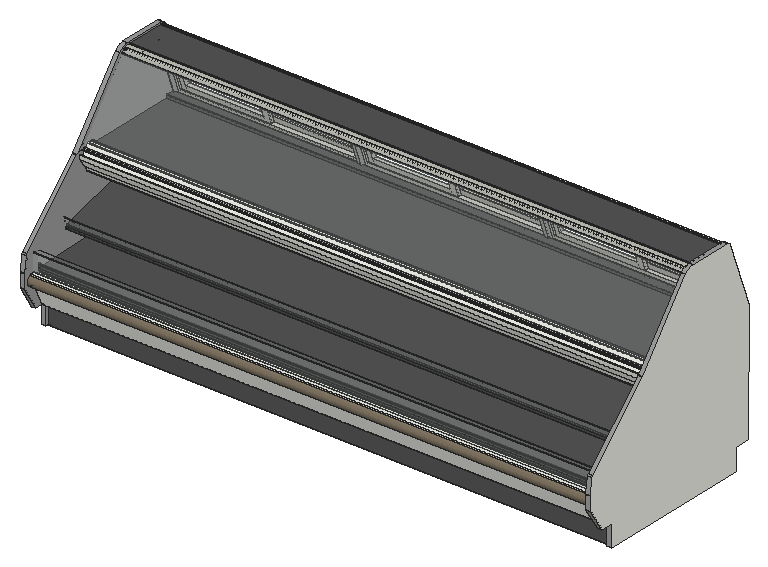
Revit family "R3-B_2014", category Specialty Equipment, Revit 2014 (continued)
Automatic sketch dimensions
  Extrusion 5 sketch curve to Extrusion 5 sketch curve = 0.0279"
  Extrusion 5 sketch curve to Extrusion 5 sketch curve = 0.6195"
  Extrusion 5 sketch curve to Extrusion 5 sketch curve = 0.00718"
  Extrusion 5 sketch curve to Extrusion 5 sketch curve = 0.43597"
  Extrusion 5 sketch curve to Extrusion 5 sketch curve = 0.01333"
  Extrusion 5 sketch curve to Extrusion 5 sketch curve = 9.29785"
  Extrusion 6 sketch curve to Extrusion 6 sketch curve = 0.06041"
  Extrusion 6 sketch curve to Extrusion 6 sketch curve = 0.16871"
  Extrusion 6 sketch curve to Extrusion 6 sketch curve = 0.06028"
  Extrusion 6 sketch curve to Extrusion 6 sketch curve = 0.00013"
  Extrusion 6 sketch curve to Extrusion 6 sketch curve = 0.01605"
  Extrusion 6 sketch curve to Extrusion 6 sketch curve = 0.20224"
  Extrusion 6 sketch curve to Extrusion 6 sketch curve = 0.04419"
  Extrusion 6 sketch curve to Extrusion 6 sketch curve = 0.06037"  (x4)
  Extrusion 6 sketch curve to Extrusion 6 sketch curve = 0.25343"
  Extrusion 6 sketch curve to Extrusion 6 sketch curve = 0.58875"
  Extrusion 6 sketch curve to Extrusion 6 sketch curve = 0.56443"
  Extrusion 6 sketch curve to Extrusion 6 sketch curve = 0.02594"
  Extrusion 6 sketch curve to Extrusion 6 sketch curve = 0.03864"
  Extrusion 6 sketch curve to Extrusion 6 sketch curve = 0.01757"
  Extrusion 6 sketch curve to Extrusion 6 sketch curve = 0.8447"
  Extrusion 6 sketch curve to Extrusion 6 sketch curve = 0.03897"
  Extrusion 6 sketch curve to Extrusion 6 sketch curve = 0.08331"
  Extrusion 6 sketch curve to Extrusion 6 sketch curve = 0.00906"  (x2)
  Extrusion 6 sketch curve to Extrusion 6 sketch curve = 0.03381"
  Extrusion 6 sketch curve to Extrusion 6 sketch curve = 0.08021"
  Extrusion 6 sketch curve to Extrusion 6 sketch curve = 0.03427"
  Extrusion 6 sketch curve to Extrusion 6 sketch curve = 0.03335"  (x2)
  Extrusion 6 sketch curve to Extrusion 6 sketch curve = 0.52078"
  Extrusion 6 sketch curve to Extrusion 6 sketch curve = 0.01551"
  Extrusion 6 sketch curve to Extrusion 6 sketch curve = 0.06761"
  Extrusion 6 sketch curve to Extrusion 6 sketch curve = 13.05208"
  Extrusion 6 sketch curve to Extrusion 6 sketch curve = 0.01618"  (x4)
  Extrusion 6 sketch curve to Extrusion 6 sketch curve = 0.19411"
  level to Extrusion 6 sketch curve = 19.52816"
  Extrusion 6 sketch curve to Extrusion 6 sketch curve = 0.04594"
  Extrusion 6 sketch curve to Extrusion 6 sketch curve = 0.00048"
  Extrusion 6 sketch curve to Extrusion 6 sketch curve = 0.06775"
  Extrusion 6 sketch curve to Extrusion 6 sketch curve = 0.09835"
  Extrusion 6 sketch curve to Extrusion 6 sketch curve = 0.03045"
  Extrusion 6 sketch curve to Extrusion 6 sketch curve = 0.11828"
  Extrusion 6 sketch curve to Extrusion 6 sketch curve = 0.06155"
  Extrusion 6 sketch curve to Extrusion 6 sketch curve = 0.19448"
  Extrusion 6 sketch curve to Extrusion 6 sketch curve = 0.00806"
  Extrusion 6 sketch curve to Extrusion 6 sketch curve = 0.73078"
  Extrusion 6 sketch curve to Extrusion 6 sketch curve = 0.04343"
  Extrusion 6 sketch curve to Extrusion 6 sketch curve = 0.15767"
  Extrusion 6 sketch curve to Extrusion 6 sketch curve = 0.03611"
  Extrusion 6 sketch curve to Extrusion 6 sketch curve = 0.29027"
  Extrusion 6 sketch curve to Extrusion 6 sketch curve = 0.02232"
  Extrusion 6 sketch curve to Extrusion 6 sketch curve = 3.49547"
  Extrusion 6 sketch curve to Extrusion 6 sketch curve = 0.72444"
  Extrusion 7 sketch curve to Extrusion 7 sketch curve = 0.12074"  (x2)
  Extrusion 7 sketch curve to Extrusion 7 sketch curve = 0.71175"
  Extrusion 7 sketch curve to Extrusion 7 sketch curve = 0.24152"
  level to Extrusion 7 sketch curve = 19.59182"
  Extrusion 7 sketch curve to Extrusion 7 sketch curve = 0.06457"
  Extrusion 7 sketch curve to Extrusion 7 sketch curve = 2.6563"
  Extrusion 7 sketch curve to Extrusion 7 sketch curve = 0.03235"
  Extrusion 8 sketch curve to Extrusion 8 sketch curve = 0.23743"
  Extrusion 8 sketch curve to Extrusion 8 sketch curve = 1/4"
  level to Extrusion 8 sketch curve = 13.11258"
  Extrusion 8 sketch curve to Extrusion 8 sketch curve = 5.49984"
  level to Extrusion 9 sketch curve = 11.47878"
  Extrusion 9 sketch curve to Extrusion 9 sketch curve = 1 1/4"
  level to Extrusion 12 sketch curve = 0.02008"
  Extrusion 12 sketch curve to Extrusion 12 sketch curve = 0.035"  (x3)
  Extrusion 12 sketch curve to level = 0.01492"  (x2)
  Extrusion 12 sketch curve to Extrusion 12 sketch curve = 29/64"
  Extrusion 12 sketch curve to Extrusion 12 sketch curve = 3/64"  (x2)
  Extrusion 12 sketch curve to Extrusion 12 sketch curve = 0.08188"
  plane 1 "Back" to Extrusion 12 sketch curve = 4.19387"
  level to Extrusion 12 sketch curve = 0.05241"
  Extrusion 12 sketch curve to Extrusion 12 sketch curve = 0.30277"
  level to Extrusion 12 sketch curve = 0.08467"
  Extrusion 12 sketch curve to Extrusion 12 sketch curve = 0.01862"
  Extrusion 12 sketch curve to Extrusion 12 sketch curve = 0.36323"
  level to Extrusion 12 sketch curve = 5/256"
  Extrusion 12 sketch curve to Extrusion 12 sketch curve = 0.00608"
  Extrusion 12 sketch curve to Extrusion 12 sketch curve = 3/8"  (x2)
  level to Extrusion 12 sketch curve = 0.45495"
  Extrusion 12 sketch curve to Extrusion 12 sketch curve = 0.01274"
  Extrusion 12 sketch curve to Extrusion 12 sketch curve = 4.68"
  Extrusion 12 sketch curve to Extrusion 12 sketch curve = 5.01739"
  Extrusion 16 sketch curve to Extrusion 16 sketch curve = 0.24987"
  level to Extrusion 16 sketch curve = 14.52078"
  Extrusion 16 sketch curve to Extrusion 16 sketch curve = 0.00803"
  Extrusion 19 sketch curve to Extrusion 19 sketch curve = 3.10211"
  Extrusion 19 sketch curve to Extrusion 19 sketch curve = 2.4486"
  Extrusion 19 sketch curve to Extrusion 19 sketch curve = 0.72957"
  Extrusion 19 sketch curve to Extrusion 19 sketch curve = 2.09477"
  Extrusion 19 sketch curve to Extrusion 19 sketch curve = 0.76243"
  Extrusion 20 sketch curve to Extrusion 20 sketch curve = 3.10211"
  Extrusion 20 sketch curve to Extrusion 20 sketch curve = 2.4486"
  Extrusion 20 sketch curve to Extrusion 20 sketch curve = 0.72957"
  Extrusion 20 sketch curve to Extrusion 20 sketch curve = 2.09477"
  Extrusion 20 sketch curve to Extrusion 20 sketch curve = 0.76243"
  Extrusion 25 sketch curve to Extrusion 25 sketch curve = 3.10211"
  Extrusion 25 sketch curve to Extrusion 25 sketch curve = 2.4486"
  Extrusion 25 sketch curve to Extrusion 25 sketch curve = 0.72957"
  Extrusion 25 sketch curve to Extrusion 25 sketch curve = 2.09477"
  Extrusion 25 sketch curve to Extrusion 25 sketch curve = 0.76243"
  Extrusion 26 sketch curve to Extrusion 26 sketch curve = 3.10211"
  Extrusion 26 sketch curve to Extrusion 26 sketch curve = 2.4486"
  Extrusion 26 sketch curve to Extrusion 26 sketch curve = 0.72957"
  Extrusion 26 sketch curve to Extrusion 26 sketch curve = 2.09477"
  Extrusion 26 sketch curve to Extrusion 26 sketch curve = 0.76243"
  Extrusion 27 sketch curve to Extrusion 27 sketch curve = 3.10211"
  Extrusion 27 sketch curve to Extrusion 27 sketch curve = 2.4486"
  Extrusion 27 sketch curve to Extrusion 27 sketch curve = 0.72957"
  Extrusion 27 sketch curve to Extrusion 27 sketch curve = 2.09477"
  Extrusion 27 sketch curve to Extrusion 27 sketch curve = 0.76243"
  Extrusion 31 sketch curve to Extrusion 31 sketch curve = 3.10211"
  Extrusion 31 sketch curve to Extrusion 31 sketch curve = 2.4486"
  Extrusion 31 sketch curve to Extrusion 31 sketch curve = 0.72957"
  Extrusion 31 sketch curve to Extrusion 31 sketch curve = 2.09477"
  Extrusion 31 sketch curve to Extrusion 31 sketch curve = 0.76243"
  Extrusion 32 sketch curve to Extrusion 32 sketch curve = 3.10211"
  Extrusion 32 sketch curve to Extrusion 32 sketch curve = 2.4486"
  Extrusion 32 sketch curve to Extrusion 32 sketch curve = 0.72957"
  Extrusion 32 sketch curve to Extrusion 32 sketch curve = 2.09477"
  Extrusion 32 sketch curve to Extrusion 32 sketch curve = 0.76243"
  Extrusion 33 sketch curve to Extrusion 33 sketch curve = 3.10211"
  Extrusion 33 sketch curve to Extrusion 33 sketch curve = 2.4486"
  Extrusion 33 sketch curve to Extrusion 33 sketch curve = 0.72957"
  Extrusion 33 sketch curve to Extrusion 33 sketch curve = 2.09477"
  Extrusion 33 sketch curve to Extrusion 33 sketch curve = 0.76243"
  Extrusion 37 sketch curve to Extrusion 37 sketch curve = 3.10211"
  Extrusion 37 sketch curve to Extrusion 37 sketch curve = 2.4486"
  Extrusion 37 sketch curve to Extrusion 37 sketch curve = 0.72957"
  Extrusion 37 sketch curve to Extrusion 37 sketch curve = 2.09477"
  Extrusion 37 sketch curve to Extrusion 37 sketch curve = 0.76243"
  Extrusion 38 sketch curve to Extrusion 38 sketch curve = 3.10211"
  Extrusion 38 sketch curve to Extrusion 38 sketch curve = 2.4486"
  Extrusion 38 sketch curve to Extrusion 38 sketch curve = 0.72957"
  Extrusion 38 sketch curve to Extrusion 38 sketch curve = 2.09477"
  Extrusion 38 sketch curve to Extrusion 38 sketch curve = 0.76243"
  Extrusion 41 sketch curve to Extrusion 41 sketch curve = 3.10211"
  Extrusion 41 sketch curve to Extrusion 41 sketch curve = 2.4486"
  Extrusion 41 sketch curve to Extrusion 41 sketch curve = 0.72957"
  Extrusion 41 sketch curve to Extrusion 41 sketch curve = 2.09477"
  Extrusion 41 sketch curve to Extrusion 41 sketch curve = 0.76243"
  Extrusion 42 sketch curve to Extrusion 42 sketch curve = 3.10211"
  Extrusion 42 sketch curve to Extrusion 42 sketch curve = 2.4486"
  Extrusion 42 sketch curve to Extrusion 42 sketch curve = 0.72957"
  Extrusion 42 sketch curve to Extrusion 42 sketch curve = 2.09477"
  Extrusion 42 sketch curve to Extrusion 42 sketch curve = 0.76243"
  Extrusion 4 sketch curve to Extrusion 4 sketch curve = 0.22465"
  Extrusion 4 sketch curve to Extrusion 4 sketch curve = 0.92417"
  Extrusion 4 sketch curve to Extrusion 4 sketch curve = 0.21425"
  plane 1 "Back" to Extrusion 4 sketch curve = 0.33657"
  Extrusion 11 sketch curve to Extrusion 11 sketch curve = 0"  (x3)
  Extrusion 11 sketch curve to Extrusion 11 sketch curve = 0.01141"
  Extrusion 11 sketch curve to Extrusion 11 sketch curve = 0.04859"
  Extrusion 11 sketch curve to Extrusion 11 sketch curve = 0.00058"
  Extrusion 11 sketch curve to Extrusion 11 sketch curve = 0.19667"
  Extrusion 11 sketch curve to Extrusion 11 sketch curve = 0.0377"
  Extrusion 11 sketch curve to Extrusion 11 sketch curve = 0.00109"
  Extrusion 11 sketch curve to Extrusion 11 sketch curve = 0.0486"
  Extrusion 11 sketch curve to Extrusion 11 sketch curve = 0.0209"
  Extrusion 11 sketch curve to Extrusion 11 sketch curve = 0.04884"
  Extrusion 11 sketch curve to Extrusion 11 sketch curve = 0.03776"
  Extrusion 11 sketch curve to Extrusion 11 sketch curve = 0.4379"
  Extrusion 11 sketch curve to Extrusion 11 sketch curve = 0.05952"
  Extrusion 11 sketch curve to Extrusion 11 sketch curve = 0.06177"
  Extrusion 11 sketch curve to Extrusion 11 sketch curve = 0.04958"
  Extrusion 11 sketch curve to Extrusion 11 sketch curve = 0.06609"
  Extrusion 11 sketch curve to Extrusion 11 sketch curve = 0.03475"
  Extrusion 11 sketch curve to Extrusion 11 sketch curve = 0.16465"
  Extrusion 11 sketch curve to Extrusion 11 sketch curve = 0.20292"
  Extrusion 11 sketch curve to Extrusion 11 sketch curve = 0.01888"
  Extrusion 11 sketch curve to Extrusion 11 sketch curve = 0.07016"
  Extrusion 11 sketch curve to Extrusion 11 sketch curve = 0.00792"
  Extrusion 11 sketch curve to Extrusion 11 sketch curve = 0.07377"
  Extrusion 11 sketch curve to Extrusion 11 sketch curve = 0.12843"
  plane 1 "Back" to Extrusion 11 sketch curve = 19.51216"
  Extrusion 11 sketch curve to Extrusion 11 sketch curve = 0.0155"
  Extrusion 11 sketch curve to Extrusion 11 sketch curve = 0.27642"
  Extrusion 11 sketch curve to Extrusion 11 sketch curve = 0.01076"
  Extrusion 11 sketch curve to Extrusion 11 sketch curve = 0.04679"
  Extrusion 11 sketch curve to Extrusion 11 sketch curve = 0.09358"
  Extrusion 11 sketch curve to Extrusion 11 sketch curve = 0.01201"  (x2)
  Extrusion 11 sketch curve to Extrusion 11 sketch curve = 0.0156"
  Extrusion 11 sketch curve to Extrusion 11 sketch curve = 0.5158"
  Extrusion 11 sketch curve to Extrusion 11 sketch curve = 0.12342"
  Extrusion 11 sketch curve to Extrusion 11 sketch curve = 0.00757"
  Extrusion 11 sketch curve to Extrusion 11 sketch curve = 0.01718"  (x2)
  Extrusion 11 sketch curve to Extrusion 11 sketch curve = 0.02225"
  Extrusion 11 sketch curve to Extrusion 11 sketch curve = 0.01738"
  Extrusion 11 sketch curve to Extrusion 11 sketch curve = 0.08602"
  Extrusion 11 sketch curve to Extrusion 11 sketch curve = 0.0761"
  Extrusion 11 sketch curve to Extrusion 11 sketch curve = 0.01623"
  Extrusion 11 sketch curve to Extrusion 11 sketch curve = 0.04804"
  Extrusion 11 sketch curve to Extrusion 11 sketch curve = 0.06239"  (x2)
  Extrusion 11 sketch curve to Extrusion 11 sketch curve = 0.08898"
  Extrusion 11 sketch curve to Extrusion 11 sketch curve = 0.03667"
  Extrusion 11 sketch curve to Extrusion 11 sketch curve = 0.0818"
  Extrusion 11 sketch curve to Extrusion 11 sketch curve = 0.43823"
  Extrusion 11 sketch curve to Extrusion 11 sketch curve = 0.05373"
  Extrusion 11 sketch curve to Extrusion 11 sketch curve = 0.04014"
  Extrusion 11 sketch curve to Extrusion 11 sketch curve = 0.19071"
  Extrusion 11 sketch curve to Extrusion 11 sketch curve = 0.08418"
  Extrusion 11 sketch curve to Extrusion 11 sketch curve = 0.19033"
  Extrusion 11 sketch curve to Extrusion 11 sketch curve = 0.61646"
  Extrusion 11 sketch curve to Extrusion 11 sketch curve = 0.23956"
  Extrusion 11 sketch curve to Extrusion 11 sketch curve = 1.16535"
  Extrusion 11 sketch curve to Extrusion 11 sketch curve = 0.00276"
  Extrusion 11 sketch curve to Extrusion 11 sketch curve = 0.03942"
  Extrusion 11 sketch curve to Extrusion 11 sketch curve = 0.15933"
  Extrusion 11 sketch curve to Extrusion 11 sketch curve = 0.06489"
  Extrusion 11 sketch curve to Extrusion 11 sketch curve = 0.39398"
  Extrusion 11 sketch curve to Extrusion 11 sketch curve = 1.19864"
  plane 1 "Back" to Extrusion 11 sketch curve = 0.1122"
  Extrusion 11 sketch curve to Extrusion 11 sketch curve = 0.06051"
  Extrusion 11 sketch curve to Extrusion 11 sketch curve = 0.53914"
  Extrusion 11 sketch curve to Extrusion 11 sketch curve = 0.03807"
  Extrusion 11 sketch curve to Extrusion 11 sketch curve = 0.16953"
  Extrusion 11 sketch curve to Extrusion 11 sketch curve = 0.02459"
  Extrusion 11 sketch curve to Extrusion 11 sketch curve = 0.10088"
  Extrusion 11 sketch curve to Extrusion 11 sketch curve = 0.02066"
  Extrusion 11 sketch curve to Extrusion 11 sketch curve = 0.03731"
  Extrusion 11 sketch curve to Extrusion 11 sketch curve = 0.00045"
  Extrusion 11 sketch curve to Extrusion 11 sketch curve = 0.23942"
  Extrusion 11 sketch curve to Extrusion 11 sketch curve = 0.04544"
  Extrusion 11 sketch curve to Extrusion 11 sketch curve = 0.03148"
  Extrusion 11 sketch curve to Extrusion 11 sketch curve = 0.03742"
  Extrusion 11 sketch curve to Extrusion 11 sketch curve = 0.03044"
  Extrusion 11 sketch curve to Extrusion 11 sketch curve = 0.03021"
  Extrusion 11 sketch curve to Extrusion 11 sketch curve = 0.00179"
  Extrusion 11 sketch curve to Extrusion 11 sketch curve = 0.00897"
  Extrusion 11 sketch curve to Extrusion 11 sketch curve = 0.02756"
  Extrusion 11 sketch curve to Extrusion 11 sketch curve = 0.40557"
  Extrusion 11 sketch curve to Extrusion 11 sketch curve = 0.03795"
  plane 1 "Back" to Extrusion 14 sketch curve = 18.95941"
  Extrusion 14 sketch curve to Extrusion 14 sketch curve = 0.18736"
  Extrusion 14 sketch curve to Extrusion 14 sketch curve = 0.18735"
  Extrusion 14 sketch curve to Extrusion 14 sketch curve = 0.14387"  (x2)
  Extrusion 11 sketch curve to Extrusion 11 sketch curve = 0.01703"
  Extrusion 11 sketch curve to Extrusion 11 sketch curve = 0.03995"
  Extrusion 11 sketch curve to Extrusion 11 sketch curve = 0.03065"
  plane 9 to Extrusion 4 sketch curve = 0.09572"
  Extrusion 4 sketch curve to Extrusion 4 sketch curve = 0.53"
  plane 9 to Extrusion 4 sketch curve = 3.18393"
  Extrusion 4 sketch curve to Extrusion 4 sketch curve = 0.05336"
  plane 9 to Extrusion 4 sketch curve = 3.50133"
  Extrusion 4 sketch curve to Extrusion 4 sketch curve = 0.785"
  Extrusion 4 sketch curve to Extrusion 4 sketch curve = 0.40118"
  Extrusion 4 sketch curve to Extrusion 4 sketch curve = 0.46779"
  Extrusion 4 sketch curve to plane 9 = 0.05343"
  Extrusion 4 sketch curve to plane 9 = 0.15672"
  plane 9 to Extrusion 10 sketch curve = 0.09233"
  plane 9 to Extrusion 10 sketch curve = 0.01698"
  Extrusion 10 sketch curve to plane 9 = 0.02831"
  Extrusion 10 sketch curve to Extrusion 10 sketch curve = 0.23622"
  Extrusion 10 sketch curve to Extrusion 10 sketch curve = 0.2303"
  Extrusion 11 sketch curve to Extrusion 11 sketch curve = 0.44576"
  plane 9 to Extrusion 11 sketch curve = 0.32351"
  Extrusion 11 sketch curve to Extrusion 11 sketch curve = 0.49257"
  plane 9 to Extrusion 11 sketch curve = 0.41228"
  Extrusion 11 sketch curve to Extrusion 11 sketch curve = 0.02953"
  Extrusion 11 sketch curve to Extrusion 11 sketch curve = 0.04949"
  Extrusion 11 sketch curve to Extrusion 11 sketch curve = 0.59743"
  Extrusion 11 sketch curve to Extrusion 11 sketch curve = 0.03619"
  Extrusion 11 sketch curve to Extrusion 11 sketch curve = 0.11149"
  Extrusion 11 sketch curve to Extrusion 11 sketch curve = 0.03084"
  Extrusion 11 sketch curve to Extrusion 11 sketch curve = 0.04773"
  Extrusion 11 sketch curve to Extrusion 11 sketch curve = 0.02216"
  Extrusion 11 sketch curve to Extrusion 11 sketch curve = 0.05253"
  Extrusion 11 sketch curve to Extrusion 11 sketch curve = 0.03603"
  Extrusion 11 sketch curve to Extrusion 11 sketch curve = 0.05646"
  Extrusion 11 sketch curve to Extrusion 11 sketch curve = 0.15374"
  Extrusion 11 sketch curve to Extrusion 11 sketch curve = 0.17098"
  plane 9 to Extrusion 11 sketch curve = 17.05276"
  Extrusion 11 sketch curve to Extrusion 11 sketch curve = 0.17471"
  Extrusion 11 sketch curve to Extrusion 11 sketch curve = 0.00378"
  Extrusion 11 sketch curve to Extrusion 11 sketch curve = 0.10764"
  Extrusion 11 sketch curve to Extrusion 11 sketch curve = 0.02859"
  Extrusion 11 sketch curve to Extrusion 11 sketch curve = 0.05819"
  Extrusion 11 sketch curve to plane 9 = 0.14562"
  Extrusion 11 sketch curve to Extrusion 11 sketch curve = 0.02642"
  Extrusion 11 sketch curve to Extrusion 11 sketch curve = 0.03927"
  Extrusion 11 sketch curve to plane 9 = 0.08083"
  plane 9 to Extrusion 13 sketch curve = 18.06353"
  Extrusion 13 sketch curve to Extrusion 13 sketch curve = 0.3456"
  plane 9 to Extrusion 14 sketch curve = 17.80841"
  plane 9 to Extrusion 14 sketch curve = 0.55773"
  plane 8 to Extrusion 4 sketch curve = 6.06739"
  plane 8 to Extrusion 5 sketch curve = 3.77146"
  plane 8 to Extrusion 6 sketch curve = 12.37975"
  plane 8 to Extrusion 7 sketch curve = 11.90928"
  plane 8 to Extrusion 8 sketch curve = 1.89546"
  plane 8 to Extrusion 9 sketch curve = 0.9987"
  plane 8 to Extrusion 9 sketch curve = 1.27995"
  plane 8 to Extrusion 11 sketch curve = 18 165/256"
  plane 8 to Extrusion 12 sketch curve = 7.25925"
  plane 8 to Extrusion 13 sketch curve = 20.82871"
  plane 8 to Extrusion 14 sketch curve = 18.04369"
  plane 8 to Extrusion 16 sketch curve = 3.59732"
  Extrusion 16 sketch curve to Extrusion 16 sketch curve = 0.12848"
  Extrusion 45 sketch curve to level = 0"
  Extrusion 45 sketch curve to plane 1 "Back" = 0"
  level to Extrusion 45 sketch curve = 5.41447"
  level to Extrusion 45 sketch curve = 5.51387"
  Extrusion 45 sketch curve to plane 8 = 0.56477"
  Extrusion 45 sketch curve to Extrusion 45 sketch curve = 5.84984"
  Extrusion 45 sketch curve to Extrusion 45 sketch curve = 3.55575"
  Extrusion 45 sketch curve to plane 8 = 0.55694"
  Extrusion 45 sketch curve to Extrusion 45 sketch curve = 0.10441"  (x2)
  plane 8 to Extrusion 45 sketch curve = 0.71687"
  Extrusion 45 sketch curve to Extrusion 45 sketch curve = 3.85592"
  plane 8 to Extrusion 45 sketch curve = 0.0247"
  plane 8 to Extrusion 45 sketch curve = 0.22885"
  plane 9 to Extrusion 45 sketch curve = 18.22466"
  Extrusion 45 sketch curve to Extrusion 45 sketch curve = 0.06886"
  Extrusion 45 sketch curve to Extrusion 45 sketch curve = 0.50183"
  plane 9 to Extrusion 45 sketch curve = 16.35373"
  plane 9 to Extrusion 45 sketch curve = 2.52577"
  plane 9 to Extrusion 45 sketch curve = 0.6702"
  plane 9 to Extrusion 45 sketch curve = 0.22577"
  Extrusion 45 sketch curve to plane 9 = 0.01402"
  Extrusion 45 sketch curve to plane 9 = 0.47423"
  plane 1 "Back" to Extrusion 45 sketch curve = 4.00118"
  plane 1 "Back" to Extrusion 45 sketch curve = 5.96807"
  Extrusion 45 sketch curve to Extrusion 45 sketch curve = 10.9862"
  plane 8 to Extrusion 45 sketch curve = 16.32936"
  Extrusion 45 sketch curve to Extrusion 45 sketch curve = 0.06201"
  plane 8 to Extrusion 45 sketch curve = 6.22457"
  plane 8 to Extrusion 45 sketch curve = 3.09806"
  Extrusion 46 sketch curve to level = 0"
  Extrusion 46 sketch curve to plane 1 "Back" = 0"
  plane 1 "Back" to Extrusion 46 sketch curve = 4.00118"
  Extrusion 46 sketch curve to plane 9 = 0.01402"
  plane 1 "Back" to Extrusion 46 sketch curve = 5.96807"
  Extrusion 46 sketch curve to plane 9 = 0.47423"
  Extrusion 46 sketch curve to Extrusion 46 sketch curve = 0.65765"
  Extrusion 46 sketch curve to Extrusion 46 sketch curve = 10.9862"
  plane 9 to Extrusion 46 sketch curve = 0.6702"
  Extrusion 46 sketch curve to Extrusion 46 sketch curve = 2.3573"
  plane 8 to Extrusion 46 sketch curve = 16.32936"
  Extrusion 46 sketch curve to Extrusion 46 sketch curve = 0.06201"
  Extrusion 46 sketch curve to Extrusion 46 sketch curve = 0.48803"
  plane 8 to Extrusion 46 sketch curve = 6.22457"
  plane 8 to Extrusion 46 sketch curve = 3.09806"
  plane 8 to Extrusion 46 sketch curve = 0.71687"
  plane 8 to Extrusion 46 sketch curve = 0.22885"
  plane 8 to Extrusion 46 sketch curve = 0.13523"
  plane 8 to Extrusion 46 sketch curve = 0.0247"
  Extrusion 46 sketch curve to plane 8 = 0.55694"
  Extrusion 46 sketch curve to plane 8 = 0.56477"
  level to Extrusion 46 sketch curve = 5.41447"
  level to Extrusion 46 sketch curve = 5.51387"
  Extrusion 46 sketch curve to Extrusion 46 sketch curve = 5.84984"
  Extrusion 46 sketch curve to Extrusion 46 sketch curve = 3.55575"
  Extrusion 46 sketch curve to Extrusion 46 sketch curve = 3.85592"
  Extrusion 46 sketch curve to Extrusion 46 sketch curve = 0.10441"
  plane 9 to Extrusion 46 sketch curve = 18.22466"
  Extrusion 46 sketch curve to Extrusion 46 sketch curve = 0.06886"
  plane 9 to Extrusion 46 sketch curve = 16.35373"
  Extrusion 1 sketch curve to Extrusion 1 sketch curve = 0"  (x2)
  Extrusion 2 sketch curve to Extrusion 2 sketch curve = 0"
  Extrusion 3 sketch curve to Extrusion 3 sketch curve = 0"
  curve 8 to plane 3 "Left" = 0"
  curve 8 to plane 6 "Right" = 0"
  plane 1 "Back" to curve 1 = 0"
  plane 1 "Back" to curve 4 = 0"
  plane 1 "Back" to curve 2 = 0"
  plane 1 "Back" to curve 3 = 0"
  plane 1 "Back" to curve 5 = 0"
  curve 3 to plane 8 = 1 5/16"
  curve 4 to plane 8 = 1 5/16"
  curve 2 to plane 8 = 1 5/16"
  curve 5 to plane 8 = 1 5/16"
  curve 1 to plane 8 = 1 5/16"
  Extrusion 15 sketch curve to Extrusion 15 sketch curve = 0"  (x3)
  plane 4 "Center (Left/Right)" to Extrusion 15 sketch curve = 5"
Nested families (in)
  nested 1: "Floor Support - Pegs" at (-75.99499, -30.6875, 0), type "Floor Support - Pegs"
  nested 2: "Floor Support - Pegs" at (65.38051, -30.6875, 0), type "Floor Support - Pegs"
  nested 3: "Service Doors - 110deg - 48" at (18.69301, -25.0591, 11.25191), visible <- "12 Case", type "Service Doors - 110deg - 48"
  nested 4: "Light" at (-5.30699, -5.50716, -2.18133), type "Light"
  nested 5: "Light" at (-5.30699, -20.5797, -21.84835), type "Light"
  nested 6: "Light" at (-5.30699, -27.6863, -31.8452), type "Light"
  nested 7: "Service Doors - 110deg - 48" at (-29.30699, -25.0591, 11.25191), visible <- "12 Case", type "Service Doors - 110deg - 48"
  nested 8: "Service Doors - 110deg - 48" at (-77.30699, -25.0591, 11.25191), visible <- "12 Case", type "Service Doors - 110deg - 48"
  nested 9: "Service Doors - 110deg - 48" at (18.69301, -25.0591, 11.25191), visible <- "12 Case", type "Service Doors - 110deg - 48", not visible
  nested 10: "Service Doors - 110deg - 48" at (-29.30699, -25.0591, 11.25191), visible <- "12 Case", type "Service Doors - 110deg - 48", not visible
  nested 11: "Service Doors - 110deg - 48" at (-77.30699, -25.0591, 11.25191), visible <- "12 Case", type "Service Doors - 110deg - 48", not visible
  nested 12: "Service Doors - 110deg - 48" at (-29.30699, -25.0591, 11.25191), visible <- "8 Case", type "Service Doors - 110deg - 48"
  nested 13: "Service Doors - 110deg - 48" at (-77.30699, -25.0591, 11.25191), visible <- "8 Case", type "Service Doors - 110deg - 48"
  nested 14: "Service Doors - 110deg - 48" at (-29.30699, -25.0591, 11.25191), visible <- "8 Case", type "Service Doors - 110deg - 48", not visible
  nested 15: "Service Doors - 110deg - 48" at (-77.30699, -25.0591, 11.25191), visible <- "8 Case", type "Service Doors - 110deg - 48", not visible
  nested 16: "Service Doors - 110deg - 48" at (-77.30699, -25.0591, 11.25191), visible <- "4 Case", type "Service Doors - 110deg - 48"
  nested 17: "Service Doors - 110deg - 48" at (-77.30699, -25.0591, 11.25191), visible <- "4 Case", type "Service Doors - 110deg - 48", not visible
  nested 18: "Service Doors - 110deg - 60" at (-17.30699, -25.0591, 11.25191), visible <- "10 Case", type "Service Doors - 110deg - 60"
  nested 19: "Service Doors - 110deg - 60" at (-110.99499, -25.0591, 11.25191), visible <- "10 Case", type "Service Doors - 110deg - 60", not visible
  nested 20: "Service Doors - 110deg - 60" at (-77.30699, -25.0591, 11.25191), visible <- "10 Case", type "Service Doors - 110deg - 60"
  nested 21: "Service Doors - 110deg - 60" at (-170.99499, -25.0591, 11.25191), visible <- "10 Case", type "Service Doors - 110deg - 60", not visible
  nested 22: "Service Doors - 110deg - 72" at (-77.30699, -25.0591, 11.25191), visible <- "6 Case", type "Service Doors - 110deg - 72"
  nested 23: "Service Doors - 110deg - 72" at (-72.99499, -14.67418, 0), visible <- "6 Case", type "Service Doors - 110deg - 72", not visible
  nested 24: "Sliding Doors" at (-77.30699, -0.27157, 7.54708), type "Sliding Doors"
  nested 25: "Shelf Braket - 02" at (-75.99499, -21.46057, 19.51458), type "Shelf Braket - 02"
  nested 26: "Shelf Braket - 02" at (65.38051, -21.46057, 19.51458), type "Shelf Braket - 02"
  nested 27: "Floor Support - Pegs" at (-28.86982, -30.6875, 0), type "Floor Support - Pegs"
  nested 28: "Shelf Braket - 02" at (-28.86982, -21.46057, 19.51458), type "Shelf Braket - 02"
  nested 29: "Floor Support - Pegs" at (18.25535, -30.6875, 0), type "Floor Support - Pegs"
  nested 30: "Shelf Braket - 02" at (18.25535, -21.46057, 19.51458), type "Shelf Braket - 02"
Connectors (in)
  piping at (-13.43199, -38.875, 0), diameter 1.5, driven by "Waste Drain"
    settings: on Extrusion 1, index 8, connector inside diameter 1 1/4", connector length 0", flow factor 0, pipe flow 0 GPM, pressure drop 0.00 psi, fitting loss kfactor 0, connector angle 0.00°, fixture units 0, engagement length 0", angle of deflection 0.00°, flow configuration 0, flow direction 0, fitting loss method 0, system type 16, joint type 0, gender type 0, connector reference index -1, connector utility 0, adjustable connector no, is connector primary yes, connector description "1 1/4\""
  piping at (60.38051, -37.125, 0), diameter 0.625, driven by "Refrig. Suction", driven by "Refrigeration Lines Suction"
    settings: on Extrusion 2, index 9, connector inside diameter 7/8", connector length 0", flow factor 0, pipe flow 0 GPM, pressure drop 0.00 psi, fitting loss kfactor 0, connector angle 0.00°, fixture units 0, engagement length 0", angle of deflection 0.00°, flow configuration 0, flow direction 2, fitting loss method 0, system type 22, joint type 0, gender type 0, connector reference index -1, connector utility 0, adjustable connector no, is connector primary no, connector description "Suction"
  piping at (60.88051, -37.125, 0), diameter 0.375, driven by "Refrig. Liquid", driven by "Refrigeration Lines Liquid"
    settings: on Extrusion 3, index 10, connector inside diameter 3/8", connector length 0", flow factor 0, pipe flow 0 GPM, pressure drop 0.00 psi, fitting loss kfactor 0, connector angle 0.00°, fixture units 0, engagement length 0", angle of deflection 0.00°, flow configuration 0, flow direction 1, fitting loss method 0, system type 22, joint type 0, gender type 0, connector reference index -1, connector utility 0, adjustable connector no, is connector primary no, connector description "Liquid"
  piping at (-0.30699, -17.375, 0), diameter 1.5, driven by "Waste Drain"
    settings: on Extrusion 15, index 13, connector inside diameter 1 1/4", connector length 0", flow factor 0, pipe flow 0 GPM, pressure drop 0.00 psi, fitting loss kfactor 0, connector angle 0.00°, fixture units 0, engagement length 0", angle of deflection 0.00°, flow configuration 0, flow direction 0, fitting loss method 0, system type 16, joint type 0, gender type 0, connector reference index -1, connector utility 0, adjustable connector no, is connector primary no, connector description ""
Definition of nested family "Floor Support - Pegs"
  Parameters (values of type "Floor Support - Pegs")
    Leg = Stainless Steel
    Height = 6"
    Depth = 35 3/4"
  Reference planes (in)
    plane 1 "Center (Front/Back)": y = 6.9375
    plane 2: z = 0
    plane 3 "Center (Left/Right)": x = 0
    plane 4: z = 6
    plane 5: y = 24.8125
    plane 6: y = -10.9375
  Forms (in)
    Revolve 1, solid, material "Stainless Steel" <- "Leg"
      sketch origin (0, 0, 0) x (0, 1, 0) y (0, 0, 1)
        loop
          line (-10.9375, 0) -> (-10.4375, 0) -> (-10.4375, 1.00794)
          arc (-10.4375, 1.00794) -> (-10.21653, 1.09947) -> (-10.125, 1.32044) r 0.3125
          line (-10.125, 1.32044) -> (-10.125, 3.375) -> (-10, 3.375) -> (-10, 6) -> (-10.9375, 6) -> (-10.9375, 0)
        axis (-10.9375, 0) -> (-10.9375, 6)
      angle from 0 to 360
    Revolve 2, solid, material "Stainless Steel" <- "Leg"
      sketch origin (0, 35.75, 0) x (0, 1, 0) y (0, 0, 1)
        loop
          line (-10.9375, 0) -> (-10.4375, 0) -> (-10.4375, 1.00794)
          arc (-10.4375, 1.00794) -> (-10.21653, 1.09947) -> (-10.125, 1.32044) r 0.3125
          line (-10.125, 1.32044) -> (-10.125, 3.375) -> (-10, 3.375) -> (-10, 6) -> (-10.9375, 6) -> (-10.9375, 0)
        axis (-10.9375, 0) -> (-10.9375, 6)
      angle from 0 to 360
  Dimensions and locks (in)
    "Height": plane 4 to level
    Revolve 1 sketch curve to Revolve 1 sketch curve = 5/16"
    locked: Revolve 1 sketch curve to Revolve 1 sketch curve at 0.5
    "Depth": plane 6 to plane 5
    equal spacing: plane 6, plane 1 "Center (Front/Back)", plane 5
    plane 4 to Revolve 1 sketch curve = 2 5/8"
    locked: Revolve 1 sketch curve to Revolve 1 sketch curve at 0.125
    Revolve 2 sketch curve to Revolve 2 sketch curve = 5/16"
    locked: Revolve 2 sketch curve to Revolve 2 sketch curve at 0.5
    locked: Revolve 2 sketch curve to Revolve 2 sketch curve at 0.125
    aligned and locked: plane 2 to level
    aligned and locked: Revolve 1 sketch curve to Revolve 1 sketch curve
    aligned and locked: plane 6 to Revolve 1 sketch curve
    aligned and locked: Revolve 2 sketch curve to Revolve 2 sketch curve
    aligned and locked: plane 5 to Revolve 2 sketch curve
  Automatic sketch dimensions
    Revolve 1 sketch curve to level = 0"  (x2)
    Revolve 1 sketch curve to plane 4 = 0"  (x2)
    Revolve 1 sketch curve to Revolve 1 sketch curve = 1.00794"
    Revolve 2 sketch curve to level = 0"  (x2)
    Revolve 2 sketch curve to plane 4 = 0"  (x2)
    level to Revolve 2 sketch curve = 1.00794"
    Revolve 2 sketch curve to Revolve 2 sketch curve = 2.05456"
Definition of nested family "Service Doors - 110deg - 48"
  Parameters (values of type "Service Doors - 110deg - 48")
    Glazing = Glass
    Door Frame = Plastic - 144 Mist Gray
  Reference planes (in)
    plane 1 "Center (Front/Back)": y = 25.29918
    plane 2: z = 0
    plane 3 "Center (Left/Right)": x = 0
  Forms (in)
    Sweep 1, solid, material "Plastic - 144 Mist Gray" <- "Door Frame"
      path in 3D
        loop
          line (48, 19.82686, 39.76221) -> (0, 19.82686, 39.76221) -> (0, 25.29918, 24.72713) -> (48, 25.29918, 24.72713) -> (48, 19.82686, 39.76221)
      profile origin (24, 19.82686, 39.76221) x (0, -0.999433, -0.03367) y (0, -0.03367, 0.999433)
        loop
          line (0.22211, -0.07247) -> (0, 0) -> (-0.46528, -1.42601) -> (1.67266, -2.12358) -> (1.98285, -1.17291) -> (0.08303, -0.55303) -> (0.22211, -0.07247)
    Extrusion 2, solid, material "Plastic - 144 Mist Gray" <- "Door Frame"
      sketch origin (1.5, 18.22664, 37.58351) x (0, 0.34202, -0.939693) y (0, 0.939693, 0.34202)
        loop
          line (0, 0.25) -> (13, 0.25) -> (13, 1.0625) -> (0, 1.0625) -> (0, 0.25)
      from 0 to 23
    Extrusion 3, solid, material "Plastic - 144 Mist Gray" <- "Door Frame"
      sketch origin (46.5, 22.67291, 25.36751) x (0, -0.34202, 0.939693) y (0, 0.939693, 0.34202)
        loop
          line (13, 1.875) -> (0, 1.875) -> (0, 1.0625) -> (13, 1.0625) -> (13, 1.875)
      from 0 to 23
    Extrusion 4, void
      sketch origin (46.5, 16.02328, 49.11934) x (0, -0.34202, 0.939693) y (-1, 0, 0)
        loop
          line (-23.09373, 21.5) -> (-23.09373, 1.5) -> (-13.09373, 1.5) -> (-13.09373, 21.5) -> (-23.09373, 21.5)
      from 0 to 0.8125
    Extrusion 5, void
      sketch origin (1.5, 18.28571, 38.15219) x (0, -0.34202, 0.939693) y (1, 0, 0)
        loop
          line (-2.01418, 21.5) -> (-12.01418, 21.5) -> (-12.01418, 1.5) -> (-2.01418, 1.5) -> (-2.01418, 21.5)
      from 0 to 0.8125
    Extrusion 6, solid, material "Glass" <- "Glazing"
      sketch origin (25, 24.43483, 26.0088) x (0, -0.34202, 0.939693) y (0, -0.939693, -0.34202)
        loop
          line (1.5, 0.1875) -> (13, 0.1875) -> (13, 0.625) -> (1.5, 0.625) -> (1.5, 0.1875)
      from 0 to 20
    Extrusion 7, solid, material "Glass" <- "Glazing"
      sketch origin (23, 18.46157, 37.66902) x (0, 0.34202, -0.939693) y (0, -0.939693, -0.34202)
        loop
          line (1.5, -0.625) -> (13, -0.625) -> (13, -0.1875) -> (1.5, -0.1875) -> (1.5, -0.625)
      from 0 to 20
  Cuts and joins
    Extrusion 4 cuts Extrusion 3
    Extrusion 5 cuts Extrusion 2
  Lines and regions (in)
    sketch lines
      curve 1: line (48, 25.29918, 24.72713) -> (48, 19.82686, 39.76221)
      curve 2: line (0, 19.82686, 39.76221) -> (0, 25.29918, 24.72713)
      curve 3: line (48, 19.82686, 39.76221) -> (0, 19.82686, 39.76221)
      curve 4: line (48, 25.29918, 24.72713) -> (0, 25.29918, 24.72713)
  Dimensions and locks (in)
    Extrusion 2 to Extrusion 3 = 45"
    plane 3 "Center (Left/Right)" to Sweep 1 = 48"
    Sweep 1 to Sweep 1 = 1 1/2"
    locked: cut or joined group of Extrusion 3, Extrusion 4 to Extrusion 4 sketch curve at 1.5
    locked: Extrusion 5 sketch curve to cut or joined group of Extrusion 2, Extrusion 5 at 1.5
    Sweep 1 to Sweep 1 = 16"
    locked: cut or joined group of Extrusion 2, Extrusion 5 to Extrusion 5 sketch curve at 1.5  (x2)
    locked: Sweep 1 to Extrusion 5 sketch curve at 1.5
    locked: Extrusion 4 sketch curve to Sweep 1 at 1.5  (x3)
    Sweep 1 to Sweep 1 = 45"
    angle level to Sweep 1 = 110.00°
    aligned and locked: plane 2 to level
    aligned and locked: Extrusion 3 to Sweep 1  (x3)
    aligned and locked: Extrusion 2 to Sweep 1
    aligned and locked: Extrusion 6 to cut or joined group of Extrusion 3, Extrusion 4
    aligned and locked: cut or joined group of Extrusion 3, Extrusion 4 to Extrusion 6
    aligned and locked: cut or joined group of Extrusion 2, Extrusion 5 to Extrusion 7
    aligned and locked: plane 1 "Center (Front/Back)" to Sweep 1
    aligned and locked: Sweep 1 to Extrusion 2 sketch curve  (x2)
    aligned and locked: cut or joined group of Extrusion 2, Extrusion 5 to Extrusion 7 sketch curve
    aligned and locked: Extrusion 7 sketch curve to Sweep 1
    aligned and locked: Sweep 1 to Extrusion 3 sketch curve  (x2)
    aligned and locked: Extrusion 6 sketch curve to Sweep 1
    aligned and locked: Extrusion 6 sketch curve to cut or joined group of Extrusion 3, Extrusion 4
Definition of nested family "Service Doors - 110deg - 60"
  Parameters (values of type "Service Doors - 110deg - 60")
    Glazing = Glass
    Door Frame = Plastic - 144 Mist Gray
  Reference planes (in)
    plane 1 "Center (Front/Back)": y = 25.29918
    plane 2: z = 0
    plane 3 "Center (Left/Right)": x = 0
  Forms (in)
    Sweep 1, solid, material "Plastic - 144 Mist Gray" <- "Door Frame"
      path in 3D
        loop
          line (60, 19.82686, 39.76221) -> (0, 19.82686, 39.76221) -> (0, 25.29918, 24.72713) -> (60, 25.29918, 24.72713) -> (60, 19.82686, 39.76221)
      profile origin (30, 19.82686, 39.76221) x (0, -0.999433, -0.03367) y (0, -0.03367, 0.999433)
        loop
          line (0.22211, -0.07247) -> (0, 0) -> (-0.46528, -1.42601) -> (1.67266, -2.12358) -> (1.98285, -1.17291) -> (0.08303, -0.55303) -> (0.22211, -0.07247)
    Extrusion 2, solid, material "Plastic - 144 Mist Gray" <- "Door Frame"
      sketch origin (1.5, 18.22664, 37.58351) x (0, 0.34202, -0.939693) y (0, 0.939693, 0.34202)
        loop
          line (0, 0.25) -> (13, 0.25) -> (13, 1.0625) -> (0, 1.0625) -> (0, 0.25)
      from 0 to 29
    Extrusion 3, solid, material "Plastic - 144 Mist Gray" <- "Door Frame"
      sketch origin (58.5, 22.67291, 25.36751) x (0, -0.34202, 0.939693) y (0, 0.939693, 0.34202)
        loop
          line (13, 1.875) -> (0, 1.875) -> (0, 1.0625) -> (13, 1.0625) -> (13, 1.875)
      from 0 to 28.98862
    Extrusion 4, void
      sketch origin (58.5, 16.02328, 49.11934) x (0, -0.34202, 0.939693) y (-1, 0, 0)
        loop
          line (-23.09373, 27.48862) -> (-23.09373, 1.5) -> (-13.09373, 1.5) -> (-13.09373, 27.48862) -> (-23.09373, 27.48862)
      from 0 to 0.8125
    Extrusion 5, void
      sketch origin (1.5, 18.28571, 38.15219) x (0, -0.34202, 0.939693) y (1, 0, 0)
        loop
          line (-2.01418, 27.5) -> (-12.01418, 27.5) -> (-12.01418, 1.5) -> (-2.01418, 1.5) -> (-2.01418, 27.5)
      from 0 to 0.8125
    Extrusion 6, solid, material "Glass" <- "Glazing"
      sketch origin (31.01138, 24.43483, 26.0088) x (0, -0.34202, 0.939693) y (0, -0.939693, -0.34202)
        loop
          line (1.5, 0.1875) -> (13, 0.1875) -> (13, 0.625) -> (1.5, 0.625) -> (1.5, 0.1875)
      from 0 to 25.98862
    Extrusion 7, solid, material "Glass" <- "Glazing"
      sketch origin (29, 18.46157, 37.66902) x (0, 0.34202, -0.939693) y (0, -0.939693, -0.34202)
        loop
          line (1.5, -0.625) -> (13, -0.625) -> (13, -0.1875) -> (1.5, -0.1875) -> (1.5, -0.625)
      from 0 to 26
  Cuts and joins
    Extrusion 4 cuts Extrusion 3
    Extrusion 5 cuts Extrusion 2
  Lines and regions (in)
    sketch lines
      curve 1: line (60, 25.29918, 24.72713) -> (60, 19.82686, 39.76221)
      curve 2: line (0, 19.82686, 39.76221) -> (0, 25.29918, 24.72713)
      curve 3: line (60, 19.82686, 39.76221) -> (0, 19.82686, 39.76221)
      curve 4: line (60, 25.29918, 24.72713) -> (0, 25.29918, 24.72713)
  Dimensions and locks (in)
    Extrusion 2 to Extrusion 3 = 57"
    plane 3 "Center (Left/Right)" to Sweep 1 = 60"
    Sweep 1 to Sweep 1 = 1 1/2"
    locked: cut or joined group of Extrusion 3, Extrusion 4 to Extrusion 4 sketch curve at 1.5
    locked: Extrusion 5 sketch curve to cut or joined group of Extrusion 2, Extrusion 5 at 1.5
    Sweep 1 to Sweep 1 = 16"
    locked: cut or joined group of Extrusion 2, Extrusion 5 to Extrusion 5 sketch curve at 1.5  (x2)
    locked: Sweep 1 to Extrusion 5 sketch curve at 1.5
    locked: Extrusion 4 sketch curve to Sweep 1 at 1.5  (x3)
    Sweep 1 to Sweep 1 = 57"
    angle level to Sweep 1 = 110.00°
    aligned and locked: plane 2 to level
    aligned and locked: Extrusion 3 to Sweep 1  (x3)
    aligned and locked: Extrusion 2 to Sweep 1
    aligned and locked: Extrusion 6 to cut or joined group of Extrusion 3, Extrusion 4
    aligned and locked: cut or joined group of Extrusion 3, Extrusion 4 to Extrusion 6
    aligned and locked: cut or joined group of Extrusion 2, Extrusion 5 to Extrusion 7
    aligned and locked: plane 1 "Center (Front/Back)" to Sweep 1
    aligned and locked: Sweep 1 to Extrusion 2 sketch curve  (x2)
    aligned and locked: cut or joined group of Extrusion 2, Extrusion 5 to Extrusion 7 sketch curve
    aligned and locked: Extrusion 7 sketch curve to Sweep 1
    aligned and locked: Sweep 1 to Extrusion 3 sketch curve  (x2)
    aligned and locked: Extrusion 6 sketch curve to Sweep 1
    aligned and locked: Extrusion 6 sketch curve to cut or joined group of Extrusion 3, Extrusion 4
Definition of nested family "Service Doors - 110deg - 72"
  Parameters (values of type "Service Doors - 110deg - 72")
    Glazing = none
    Door Frame = none
  Reference planes (in)
    plane 1 "Center (Front/Back)": y = 25.29918
    plane 2: z = 0
    plane 3 "Center (Left/Right)": x = 0
  Forms (in)
    Sweep 1, solid, material <- "Door Frame"
      path in 3D
        loop
          line (72, 19.82686, 39.76221) -> (0, 19.82686, 39.76221) -> (0, 25.29918, 24.72713) -> (72, 25.29918, 24.72713) -> (72, 19.82686, 39.76221)
      profile origin (36, 19.82686, 39.76221) x (0, -0.999433, -0.03367) y (0, -0.03367, 0.999433)
        loop
          line (0.22211, -0.07247) -> (0, 0) -> (-0.46528, -1.42601) -> (1.67266, -2.12358) -> (1.98285, -1.17291) -> (0.08303, -0.55303) -> (0.22211, -0.07247)
    Extrusion 2, solid, material <- "Door Frame"
      sketch origin (1.5, 18.22664, 37.58351) x (0, 0.34202, -0.939693) y (0, 0.939693, 0.34202)
        loop
          line (0, 0.25) -> (13, 0.25) -> (13, 1.0625) -> (0, 1.0625) -> (0, 0.25)
      from 0 to 35
    Extrusion 3, solid, material <- "Door Frame"
      sketch origin (70.5, 22.67291, 25.36751) x (0, -0.34202, 0.939693) y (0, 0.939693, 0.34202)
        loop
          line (13, 1.875) -> (0, 1.875) -> (0, 1.0625) -> (13, 1.0625) -> (13, 1.875)
      from 0 to 35
    Extrusion 4, void
      sketch origin (70.5, 16.02328, 49.11934) x (0, -0.34202, 0.939693) y (-1, 0, 0)
        loop
          line (-23.09373, 33.5) -> (-23.09373, 1.5) -> (-13.09373, 1.5) -> (-13.09373, 33.5) -> (-23.09373, 33.5)
      from 0 to 0.8125
    Extrusion 5, void
      sketch origin (1.5, 18.28571, 38.15219) x (0, -0.34202, 0.939693) y (1, 0, 0)
        loop
          line (-2.01418, 33.5) -> (-12.01418, 33.5) -> (-12.01418, 1.5) -> (-2.01418, 1.5) -> (-2.01418, 33.5)
      from 0 to 0.8125
    Extrusion 6, solid, material <- "Glazing"
      sketch origin (37, 24.43483, 26.0088) x (0, -0.34202, 0.939693) y (0, -0.939693, -0.34202)
        loop
          line (1.5, 0.1875) -> (13, 0.1875) -> (13, 0.625) -> (1.5, 0.625) -> (1.5, 0.1875)
      from 0 to 32
    Extrusion 7, solid, material <- "Glazing"
      sketch origin (35, 18.46157, 37.66902) x (0, 0.34202, -0.939693) y (0, -0.939693, -0.34202)
        loop
          line (1.5, -0.625) -> (13, -0.625) -> (13, -0.1875) -> (1.5, -0.1875) -> (1.5, -0.625)
      from 0 to 32
  Cuts and joins
    Extrusion 4 cuts Extrusion 3
    Extrusion 5 cuts Extrusion 2
  Lines and regions (in)
    sketch lines
      curve 1: line (72, 25.29918, 24.72713) -> (72, 19.82686, 39.76221)
      curve 2: line (0, 19.82686, 39.76221) -> (0, 25.29918, 24.72713)
      curve 3: line (72, 19.82686, 39.76221) -> (0, 19.82686, 39.76221)
      curve 4: line (72, 25.29918, 24.72713) -> (0, 25.29918, 24.72713)
  Dimensions and locks (in)
    Extrusion 2 to Extrusion 3 = 69"
    plane 3 "Center (Left/Right)" to Sweep 1 = 72"
    Sweep 1 to Sweep 1 = 1 1/2"
    locked: cut or joined group of Extrusion 3, Extrusion 4 to Extrusion 4 sketch curve at 1.5
    locked: Extrusion 5 sketch curve to cut or joined group of Extrusion 2, Extrusion 5 at 1.5
    Sweep 1 to Sweep 1 = 16"
    locked: cut or joined group of Extrusion 2, Extrusion 5 to Extrusion 5 sketch curve at 1.5  (x2)
    locked: Sweep 1 to Extrusion 5 sketch curve at 1.5
    locked: Extrusion 4 sketch curve to Sweep 1 at 1.5  (x3)
    Sweep 1 to Sweep 1 = 69"
    angle level to Sweep 1 = 110.00°
    aligned and locked: plane 2 to level
    aligned and locked: Extrusion 3 to Sweep 1  (x3)
    aligned and locked: Extrusion 2 to Sweep 1
    aligned and locked: Extrusion 6 to cut or joined group of Extrusion 3, Extrusion 4
    aligned and locked: cut or joined group of Extrusion 3, Extrusion 4 to Extrusion 6
    aligned and locked: cut or joined group of Extrusion 2, Extrusion 5 to Extrusion 7
    aligned and locked: plane 1 "Center (Front/Back)" to Sweep 1
    aligned and locked: Sweep 1 to Extrusion 2 sketch curve  (x2)
    aligned and locked: cut or joined group of Extrusion 2, Extrusion 5 to Extrusion 7 sketch curve
    aligned and locked: Extrusion 7 sketch curve to Sweep 1
    aligned and locked: Sweep 1 to Extrusion 3 sketch curve  (x2)
    aligned and locked: Extrusion 6 sketch curve to Sweep 1
    aligned and locked: Extrusion 6 sketch curve to cut or joined group of Extrusion 3, Extrusion 4
Definition of nested family "Sliding Doors"
  Parameters (values of type "Sliding Doors")
    Width = 144"
    Sliding Door = Plastic - 144 Mist Gray
    Height = 20 7/8"
  Reference planes (in)
    plane 1 "Back": y = 0
    plane 2: z = 0
    plane 3 "Left": x = 0
    plane 4: z = 20.875
    plane 5 "Right": x = 144
    plane 6 "Front": y = -1
    plane 7: x = 72
    plane 8: x = 71
    plane 9: x = 73
    plane 10: y = -0.5
  Forms (in)
    Extrusion 1, solid, material "Plastic - 144 Mist Gray" <- "Sliding Door"
      sketch origin (47, -24.3965, -7.37618) x (0, 1, 0) y (0, 0, 1)
        loop
          line (23.3965, 28.25118) -> (23.3965, 7.37618) -> (23.8965, 7.37618) -> (23.8965, 28.25118) -> (23.3965, 28.25118)
      from -47 to 26
    Extrusion 2, solid, material "Plastic - 144 Mist Gray" <- "Sliding Door"
      sketch origin (47, -24.3965, -7.37618) x (0, 1, 0) y (0, 0, 1)
        loop
          line (23.8965, 7.37618) -> (24.3965, 7.37618) -> (24.3965, 28.25118) -> (23.8965, 28.25118) -> (23.8965, 7.37618)
      from 24 to 97
    Extrusion 3, void
      sketch origin (25, -24.3965, -7.37618) x (1, 0, 0) y (0, 0, 1)
        loop
          circle (117, 17.81368) r 1
      from -24.3965 to -23.8965
    Extrusion 4, void
      sketch origin (47, -24.3965, -7.37618) x (1, 0, 0) y (0, 0, 1)
        loop
          circle (-45, 17.81368) r 1
      from -23.8965 to -23.3965
  Cuts and joins
    Extrusion 3 cuts Extrusion 2
    Extrusion 4 cuts Extrusion 1
  Dimensions and locks (in)
    "Height": plane 4 to level
    "Width": plane 5 "Right" to plane 3 "Left"
    equal spacing: plane 5 "Right", plane 7, plane 3 "Left"
    plane 9 to plane 7 to plane 8 = 1" locked, 1" locked
    equal spacing: plane 4, Extrusion 4 sketch curve, level
    equal spacing: plane 4, Extrusion 3 sketch curve, level
    locked: plane 5 "Right" to Extrusion 3 sketch curve at 2
    locked: Extrusion 4 sketch curve to plane 3 "Left" at 2
    plane 6 "Front" to plane 1 "Back" = 1"
    equal spacing: plane 6 "Front", plane 10, plane 1 "Back"
    aligned and locked: level to plane 2
    aligned and locked: plane 4 to Extrusion 1
    aligned and locked: Extrusion 2 to plane 4
    aligned and locked: plane 5 "Right" to Extrusion 2
    aligned and locked: Extrusion 1 to plane 3 "Left"
    aligned and locked: Extrusion 1 to level
    aligned and locked: Extrusion 2 to level
    aligned and locked: Extrusion 1 to plane 9
    aligned and locked: Extrusion 2 to plane 8
    aligned and locked: Extrusion 2 to plane 1 "Back"
    aligned and locked: Extrusion 3 to plane 1 "Back"
    aligned and locked: Extrusion 2 to Extrusion 3
    aligned and locked: Extrusion 1 to cut or joined group of Extrusion 2, Extrusion 3
    aligned and locked: plane 6 "Front" to Extrusion 4
    aligned and locked: Extrusion 1 to Extrusion 4
  Automatic sketch dimensions
    Extrusion 1 sketch curve to level = 0"
    Extrusion 1 sketch curve to plane 6 "Front" = 0"
    Extrusion 1 sketch curve to Extrusion 1 sketch curve = 1/2"
    Extrusion 1 sketch curve to plane 4 = 0"
    Extrusion 2 sketch curve to level = 0"
    Extrusion 2 sketch curve to plane 6 "Front" = 1/2"
    Extrusion 2 sketch curve to Extrusion 2 sketch curve = 1/2"
    Extrusion 2 sketch curve to plane 4 = 0"
    radius of Extrusion 3 sketch curve = 1"
    radius of Extrusion 4 sketch curve = 1"
Definition of nested family "Shelf Braket - 02"
  Parameters (values of type "Shelf Braket - 02")
    Shelf Bracket = none
  Reference planes (in)
    plane 1 "Center (Front/Back)": y = 0
    plane 2: z = 0
    plane 3 "Center (Left/Right)": x = 0
  Forms (in)
    Extrusion 1, solid, material <- "Shelf Bracket"
      sketch origin (0, 0, 0) x (0, 1, 0) y (0, 0, 1)
        loop
          line (-10.33152, 1.45513) -> (-9.99215, 0.18861) -> (-9.68311, 0) -> (-1.0625, 1.86551) -> (-0.9375, 2.08201) -> (-0.82925, 2.01951) -> (-0.95425, 1.80301) -> (-0.54999, 1.65322) -> (-0.48529, 1.8947) -> (-0.36455, 1.86235) -> (-0.42925, 1.62087) -> (0, 1.58081) -> (0, 1.83081) -> (0.125, 1.83081) -> (0.125, 1.58081) -> (0.55032, 1.65197) -> (0.48529, 1.8947) -> (0.60603, 1.92705) -> (0.66983, 1.68893) -> (0.74614, 1.70938) -> (0.83453, 1.86247) -> (0.73837, 2.22133) -> (0.58528, 2.30972) -> (0.00283, 2.17168) -> (-0.50249, 2.33547) -> (-0.719, 2.46047) -> (0, 3.70581) -> (-0.03235, 3.82655) -> (0.08839, 3.85891) -> (0.19664, 3.79641) -> (0.13414, 3.68815) -> (0.15309, 3.61742) -> (0.38084, 3.67845) -> (0.46923, 3.83154) -> (0.37217, 4.19376) -> (0.21908, 4.28215) -> (-10.33152, 1.45513)
        loop
          circle (0.289, 3.98456) r 0.07
      from 0.125 to -0.125
    Extrusion 2, solid, material <- "Shelf Bracket"
      sketch origin (0, 0, 0) x (0, 1, 0) y (0, 0, 1)
        loop
          line (-0.29106, 4.25416) -> (-10.35869, 1.55655) -> (-10.33152, 1.45513) -> (-0.26388, 4.15274) -> (-0.29106, 4.25416)
      from 0.25 to -0.25
  Dimensions and locks (in)
    aligned and locked: plane 2 to level
Definition of nested family "Light"
  Parameters (values of type "Light")
    Wattage = 16.1571 W
    built-in parameter 1150110 = 1 (stored number, unit not read)
    built-in parameter 1114217 = 1 (stored number, unit not read)
    built-in parameter 1150109 = 1 (stored number, unit not read)
    built-in parameter 1150134 = (empty or 0)
    built-in parameter 1150113 = 1 (stored number, unit not read)
    Lumens = 2400 lm
    built-in parameter 1150115 = 1 (stored number, unit not read)
    built-in parameter 1150105 = 763.94 (stored number, unit not read)
    Light Source Symbol Size = 24"
    built-in parameter 1150137 = (empty or 0)
    built-in parameter 1150139 = (empty or 0)
    Lense = none
    Length = 24"
    built-in parameter 1150112 = 1 (stored number, unit not read)
    built-in parameter 1150114 = 1 (stored number, unit not read)
    built-in parameter 1150132 = 2
    built-in parameter 1150102 = (empty or 0)
    built-in parameter 1150138 = (empty or 0)
    built-in parameter 1150107 = 6100 (stored number, unit not read)
    built-in parameter 1150106 = 7.6394 (stored number, unit not read)
    Emit from Line Length = Length  # 24"
    built-in parameter 1150104 = 13.8 (stored number, unit not read)
    Dimming Lamp Color Temperature Shift = (empty or 0)
    Color Filter = 16777215
    Casing = none
    built-in parameter 1114218 = 1 (stored number, unit not read)
    built-in parameter 1150133 = 10 (stored number, unit not read)
  Reference planes (in)
    plane 1 "Light Source Axis (F/B)": y = -8.60801
    plane 2: z = 0
    plane 3 "Light Source Axis (L/R)": x = 0
    plane 4 "Light Source Elevation": z = 52.5
    plane 5: z = 0
    plane 6 "Left": x = -12
    plane 7 "Right": x = 12
  Lines and regions (in)
    model lines
      curve 1: line (-12, -8.60801, 52.5) -> (12, -8.60801, 52.5)
  Dimensions and locks (in)
    equal spacing: plane 7 "Right", plane 3 "Light Source Axis (L/R)", plane 6 "Left"
    "Length": plane 7 "Right" to plane 6 "Left"
    aligned and locked: plane 3 "Light Source Axis (L/R)" to imposter light
    aligned and locked: plane 1 "Light Source Axis (F/B)" to imposter light
    aligned and locked: plane 4 "Light Source Elevation" to imposter light
    aligned and locked: level to plane 5
  Automatic sketch dimensions
    plane 1 "Light Source Axis (F/B)" to curve 1 = 0"
    curve 1 to plane 6 "Left" = 0"
    curve 1 to plane 7 "Right" = 0"
Types (5): name | Width | Upper Drain | Number of Supports | Lower Drain | 8 Case | 6 Case | 4 Case | 12 Case | 10 Case
  12'-0" Length | 144" | 77" | 4 | 65" | no | no | no | yes | no
  10'-0" Length | 120" | 56" | 3 | 53" | no | no | no | no | yes
  8'-0" Length | 96" | 56" | 3 | 53" | yes | no | no | no | no
  6'-0" Length | 72" | 44" | 3 | 41" | no | yes | no | no | no
  4'-0" Length | 48" | 32" | 2 | 7" | no | no | yes | no | no
